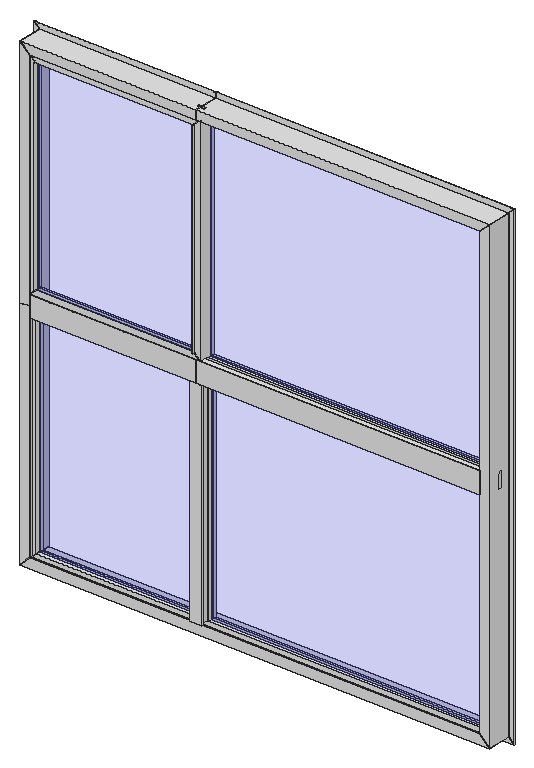
Revit family "531_OXAT_1-DBF_nailfin", category Windows, host Wall, Revit 2019
Family settings
  Host = Wall
  OmniClass Number = 23.30.20.00
  OmniClass Title = Windows
  Always vertical = Yes
  Cut with Voids When Loaded = No
  Shared = No
  Room Calculation Point = No
Parameters (values of type "96x96Max")
  Vbs = 36"
  Setback [instance] = 2"
  MLW2 = 1 / 8 * (Height - HBS)  # 6"
  MLW1 = 1 / 8 * Vbs  # 4 1/2"
  Interior Color [instance] = White
  Height = 96"
  HWB [instance] = yes
  HBWidth [instance] = if(HWB, 4 1/4", 2 1/2")  # 4 1/4"
  HBS = 48"
  Exterior Color [instance] = White
  Default Sill Height = 31.49606"
  Wall Closure = By host
  Width = 96"
Reference planes (in)
  plane 1 "Center (Front/Back)": y = 0
  plane 2 "Center (Left/Right)": x = 0
  plane 3 "Left": x = -48
  plane 4 "Right": x = 48
  plane 5 "Sill": z = 31.49606
  plane 6 "Head": z = 127.49606
  plane 7 "Exterior": y = 3.93701
  plane 8 "Interior": y = -3.93701
  plane 9 "Front of wall": y = 3.93701
  plane 10 "Hbs": z = 79.49606
  plane 11 "Vbs": x = -12
  plane 12: z = 32.89506
  plane 13: z = 77.88606
  plane 14: z = 126.09606
  plane 15: z = 82.26906
  plane 16: x = -46.60043
  plane 17: x = 45.4786
  plane 18: x = -11.2499
  plane 19: x = 46.6001
  plane 20: x = -12.7501
  plane 21: x = -45.4786
  plane 22: x = -11.63193
  plane 23: x = -12.13096
  plane 24: z = 124.97106
  plane 25: x = -11.22369
  plane 26 "Front of glass": y = 4.55851
  plane 27: z = 77.37106
  plane 28: z = 81.62106
  plane 29: z = 81.10506
  plane 30 "Setback": y = 1.93701
Forms (in)
  Extrusion 1, solid, material "White" <- "Interior Color"
    sketch origin (-12, 0, 0) x (0, 0, 1) y (0, -1, 0)
      loop
        line (32.7735, -0.47691) -> (33.33381, -0.47691) -> (33.33381, -0.07351) -> (32.89581, -0.07351) -> (32.89581, 0.69299) -> (33.39606, 0.69299) -> (33.39606, 1.28299) -> (32.52106, 1.28299) -> (32.52106, 2.78299) -> (33.39606, 2.78299) -> (33.39606, 2.98299) -> (31.49606, 2.98299) -> (31.49606, -1.93701) -> (30.37106, -1.93701) -> (30.37106, -2.01701) -> (31.49606, -2.01701) -> (31.49606, -3.01701) -> (32.50653, -3.01701) -> (32.7735, -0.47691)
    from 61.125 to -37.125
  Extrusion 2, solid, material "White" <- "Interior Color"
    sketch origin (0, 0, 31.49606) x (0, -1, 0) y (1, 0, 0)
      loop
        line (-0.47691, -46.72256) -> (-3.01701, -46.98953) -> (-3.01701, -48) -> (-2.01701, -48) -> (-2.01701, -49.125) -> (-1.93701, -49.125) -> (-1.93701, -48) -> (2.98299, -48) -> (2.98299, -46.1) -> (2.78299, -46.1) -> (2.78299, -46.975) -> (1.28299, -46.975) -> (1.28299, -46.1) -> (0.69299, -46.1) -> (0.69299, -46.60025) -> (-0.07351, -46.60025) -> (-0.07351, -46.16225) -> (-0.47691, -46.16225) -> (-0.47691, -46.72256)
    from -1.25 to 48
  Extrusion 3, solid, material "White" <- "Interior Color"
    sketch origin (0, 0, 31.49606) x (0, -1, 0) y (1, 0, 0)
      loop
        line (2.98299, -13.2501) -> (2.98299, -10.7499) -> (2.78299, -10.7499) -> (2.78299, -11.09375) -> (1.28299, -11.09375) -> (1.28299, -10.7499) -> (0.69299, -10.7499) -> (0.69299, -11.2499) -> (-0.07351, -11.2499) -> (-0.07351, -10.8125) -> (-0.47691, -10.8125) -> (-0.47691, -11.375) -> (-0.51701, -11.375) -> (-0.51701, -12.625) -> (-0.47691, -12.625) -> (-0.47691, -13.1875) -> (-0.07351, -13.1875) -> (-0.07351, -12.7501) -> (0.69299, -12.7501) -> (0.69299, -13.2501) -> (1.28299, -13.2501) -> (1.28299, -12.90625) -> (2.78299, -12.90625) -> (2.78299, -13.2501) -> (2.98299, -13.2501)
    from 0 to 48
  Extrusion 4, solid, material "White" <- "Interior Color"
    sketch origin (0, 0, 31.49606) x (0, -1, 0) y (1, 0, 0)
      loop
        line (-0.47691, 46.72256) -> (-0.47691, 46.16225) -> (-0.07351, 46.16225) -> (-0.07351, 46.60025) -> (0.69299, 46.60025) -> (0.69299, 46.1) -> (1.28299, 46.1) -> (1.28299, 46.975) -> (2.78299, 46.975) -> (2.78299, 46.1) -> (2.98299, 46.1) -> (2.98299, 48) -> (-1.93701, 48) -> (-1.93701, 49.125) -> (-2.01701, 49.125) -> (-2.01701, 48) -> (-3.01701, 48) -> (-3.01701, 46.98953) -> (-0.47691, 46.72256)
    from -1.25 to 97.125
  Sweep 5, void
    path in 3D
      loop
        line (46.28475, 3.80387, 79.49606) -> (46.28475, -0.01527, 79.49606)
    profile origin (46.28475, 1.8943, 79.49606) x (1, 0, 0) y (0, 0, 1)
      loop
        line (0.43781, 2.0625) -> (-1.85785, 2.0625) -> (-1.85785, -2.0625) -> (0.43781, -2.0625) -> (0.43781, 2.0625)
  Sweep 6, void
    path in 3D
      loop
        line (-13.44422, 2.02813, 79.49606) -> (-13.44422, -1.56299, 79.49606)
    profile origin (-13.44422, 0.23257, 79.49606) x (1, 0, 0) y (0, 0, 1)
      loop
        line (-0.28951, -2.0625) -> (0.81922, -2.0625) -> (0.81922, -1.5) -> (1.44422, -1.5) -> (1.44422, 1.5) -> (-0.28951, 1.5) -> (-0.28951, -2.0625)
  Sweep 7, void
    path in 3D
      loop
        line (-45.28676, 3.49986, 79.49606) -> (-45.28676, -1.63711, 79.49606)
    profile origin (-45.28676, 0.93137, 79.49606) x (1, 0, 0) y (0, 0, 1)
      loop
        line (-1.4358, 1.5) -> (-1.4358, -2.0625) -> (-0.50238, -2.0625) -> (-0.50238, 1.5) -> (-1.4358, 1.5)
  Sweep 8, void
    path in 3D
      loop
        line (-44.88253, 5.59396, 31.49606) -> (-44.88253, -0.15604, 31.49606)
    profile origin (-44.88253, 2.71896, 31.49606) x (1, 0, 0) y (0, 0, 1)
      loop
        line (-4.91208, -1.7946) -> (-0.83622, -1.7946) -> (-0.83622, 1.83775) -> (-1.84003, 1.83775) -> (-1.84003, 1.27744) -> (-4.91208, -1.7946)
  Sweep 9, void
    path in 3D
      loop
        line (-44.88253, 5.59396, 31.49606) -> (-44.88253, -0.15604, 31.49606)
    profile origin (-44.88253, 2.71896, 31.49606) x (1, 0, 0) y (0, 0, 1)
      loop
        line (-4.90516, -1.78769) -> (-1.84003, 1.27744) -> (-1.84003, 2.775) -> (-4.90516, 2.775) -> (-4.90516, -1.78769)
  Sweep 10, void
    path in 3D
      loop
        line (-10.8119, 3.1497, 31.49606) -> (-10.8119, -0.44142, 31.49606)
    profile origin (-10.8119, 1.35414, 31.49606) x (1, 0, 0) y (0, 0, 1)
      loop
        line (-1.8131, 2.03929) -> (-1.8131, 1.27744) -> (-0.5631, 1.27744) -> (-0.5631, 2.03929) -> (-1.8131, 2.03929)
  Sweep 11, void
    path in 3D
      loop
        line (-10.8119, 3.1497, 31.49606) -> (-10.8119, -0.44142, 31.49606)
    profile origin (-10.8119, 1.35414, 31.49606) x (1, 0, 0) y (0, 0, 1)
      loop
        line (-2.79385, 1.83775) -> (-2.79385, -0.51924) -> (0.30068, -0.51924) -> (0.30068, 1.83775) -> (-0.5631, 1.83775) -> (-0.5631, 1.27744) -> (-1.8131, 1.27744) -> (-1.8131, 1.83775) -> (-2.79385, 1.83775)
  Sweep 12, void
    path in 3D
      loop
        line (46.89277, 3.60999, 31.49606) -> (46.89277, -0.20914, 31.49606)
    profile origin (46.89277, 1.70043, 31.49606) x (1, 0, 0) y (0, 0, 1)
      loop
        line (3.12078, -2.01356) -> (-0.17021, 1.27744) -> (-0.17021, 1.83775) -> (-1.01335, 1.83775) -> (-1.01335, -2.01356) -> (3.12078, -2.01356)
  Sweep 13, void
    path in 3D
      loop
        line (46.89277, 3.60999, 31.49606) -> (46.89277, -0.20914, 31.49606)
    profile origin (46.89277, 1.70043, 31.49606) x (1, 0, 0) y (0, 0, 1)
      loop
        line (2.75588, -1.64865) -> (2.75588, 2.20937) -> (-0.17021, 2.20937) -> (-0.17021, 1.27744) -> (2.75588, -1.64865)
  Extrusion 14, void
    sketch origin (0, 3.93701, 0) x (1, 0, 0) y (0, 0, 1)
      loop
        line (-49.78769, 29.70837) -> (-45.34835, 34.14771) -> (-49.78769, 34.14771) -> (-49.78769, 29.70837)
    from 4.09305 to 10.65098
  Extrusion 15, void
    sketch origin (0, 3.93701, 0) x (1, 0, 0) y (0, 0, 1)
      loop
        line (-51.25, 28.24606) -> (-44.88253, 28.24606) -> (-44.88253, 34.61354) -> (-51.25, 28.24606)
    from 4.09305 to 11.52825
  Extrusion 16, void
    sketch origin (0, 3.93701, 0) x (1, 0, 0) y (0, 0, 1)
      loop
        line (-14.5639, 33.39606) -> (-14.5639, 30.39606) -> (-9.3139, 30.39606) -> (-9.3139, 33.39606) -> (-14.5639, 33.39606)
    from 4.50989 to 9.14744
  Extrusion 17, void
    sketch origin (0, 3.93701, 0) x (1, 0, 0) y (0, 0, 1)
      loop
        line (44.81231, 34.68375) -> (44.81231, 29.68375) -> (49.81231, 29.68375) -> (44.81231, 34.68375)
    from 4.14615 to 9.55815
  Extrusion 18, void
    sketch origin (0, 3.93701, 0) x (1, 0, 0) y (0, 0, 1)
      loop
        line (45.20876, 34.28731) -> (49.45876, 30.03731) -> (49.45876, 34.28731) -> (45.20876, 34.28731)
    from 4.14615 to 10.91445
  Extrusion 19, void
    sketch origin (0, 3.93701, 0) x (1, 0, 0) y (0, 0, 1)
      loop
        line (-11.34348, 82.76906) -> (-13.62514, 80.86244) -> (-13.62514, 77.37106) -> (-9.13523, 77.37106) -> (-9.13523, 82.76906) -> (-11.34348, 82.76906)
    from 4.94176 to 10.4595
  Sweep 20, void
    path in 3D
      loop
        line (-13.44422, 2.02813, 79.49606) -> (-13.44422, -1.56299, 79.49606)
    profile origin (-13.44422, 0.23257, 79.49606) x (1, 0, 0) y (0, 0, 1)
      loop
        line (2.22052, 2.125) -> (1.44422, 2.125) -> (1.44422, -1.5) -> (2.06922, -1.5) -> (2.06922, -2.0625) -> (2.22052, -2.0625) -> (2.22052, 2.125)
  Extrusion 21, void
    sketch origin (0, 3.93701, 0) x (1, 0, 0) y (0, 0, 1)
      loop
        line (44.58479, 83.16187) -> (44.58479, 77.38606) -> (46.1, 77.38606) -> (46.1, 81.60606) -> (46.1406, 81.60606) -> (44.58479, 83.16187)
    from 4.44362 to 11.87788
  Extrusion 22, solid, material "Glass"
    sketch origin (-12, 0, 0) x (0, 0, 1) y (0, -1, 0)
      loop
        line (77.88606, -0.07351) -> (77.88606, 0.69299) -> (32.89506, 0.69299) -> (32.89506, -0.07351) -> (77.88606, -0.07351)
    from -0.7501 to -34.60043
  Extrusion 23, solid, material "Glass"
    sketch origin (-12, 0, 0) x (0, 0, 1) y (0, -1, 0)
      loop
        line (77.88606, -0.07351) -> (77.88606, 0.69299) -> (32.89506, 0.69299) -> (32.89506, -0.07351) -> (77.88606, -0.07351)
    from 0.7501 to 58.6001
  Extrusion 24, solid, material "White" <- "Interior Color"
    sketch origin (6, 0, 0) x (0, 0, 1) y (0, 1, 0)
      loop
        line (81.62106, -2.98299) -> (81.62106, -2.78299) -> (81.24606, -2.78299) -> (81.24606, -1.28299) -> (81.62106, -1.28299) -> (81.62106, -0.69299) -> (81.10506, -0.69299) -> (81.10506, 0.07351) -> (81.55856, 0.07351) -> (81.55856, 0.47691) -> (80.99606, 0.47691) -> (80.99606, 0.51701) -> (77.99606, 0.51701) -> (77.99606, 0.47691) -> (77.43356, 0.47691) -> (77.43356, 0.07351) -> (77.88606, 0.07351) -> (77.88606, -0.69299) -> (77.37106, -0.69299) -> (77.37106, -1.28299) -> (77.74606, -1.28299) -> (77.74606, -2.78299) -> (77.37106, -2.78299) -> (77.37106, -2.98299) -> (81.62106, -2.98299)
    from 18 to -42
  Extrusion 25, solid, material "White" <- "Interior Color"
    sketch origin (6, 0, 0) x (0, 0, 1) y (0, 1, 0)
      loop
        line (81.62106, -2.98299) -> (81.62106, -2.78299) -> (82.74606, -2.78299) -> (82.74606, -2.54049) -> (82.26906, -2.54049) -> (82.26906, -1.79649) -> (82.68356, -1.79649) -> (82.68356, -1.39309) -> (81.62106, -1.39309) -> (81.62106, -0.69299) -> (80.99606, -0.69299) -> (80.99606, 0.51701) -> (77.99606, 0.51701) -> (77.99606, 0.47691) -> (77.43356, 0.47691) -> (77.43356, 0.07351) -> (77.88606, 0.07351) -> (77.88606, -0.69299) -> (77.37106, -0.69299) -> (77.37106, -1.28299) -> (77.74606, -1.28299) -> (77.74606, -2.78299) -> (77.37106, -2.78299) -> (77.37106, -2.98299) -> (81.62106, -2.98299)
    from 17.22369 to 54
  Extrusion 26, solid, material "White" <- "Interior Color"
    sketch origin (12, 0, 61.49606) x (1, 0, 0) y (0, 1, 0)
      loop
        line (-23.1251, -2.78299) -> (-23.1251, -0.69299) -> (-23.63193, -0.69299) -> (-23.63193, 0.07351) -> (-23.19293, 0.07351) -> (-23.19293, 0.47691) -> (-23.71237, 0.47691) -> (-23.7501, 0.48702) -> (-24.75596, 0.48702) -> (-24.75596, -0.13302) -> (-25.15635, -0.13302) -> (-25.15635, -0.23305) -> (-24.75592, -0.23305) -> (-24.75592, -0.73304) -> (-25.15635, -0.73304) -> (-25.15635, -0.83304) -> (-24.75588, -0.83304) -> (-24.75588, -1.28302) -> (-24.5626, -1.28302) -> (-24.5626, -1.79649) -> (-24.13096, -1.79649) -> (-24.13096, -2.54049) -> (-24.6251, -2.54049) -> (-24.6251, -3.22844) -> (-24.5551, -3.15844) -> (-24.5551, -2.78299) -> (-23.1251, -2.78299)
    from 18 to 66
  Extrusion 27, solid, material "White" <- "Interior Color"
    sketch origin (-12, 0, 79.49606) x (-1, 0, 0) y (0, -1, 0)
      loop
        line (34.725, -0.50201) -> (34.98953, -3.01701) -> (36, -3.01701) -> (36, -2.01701) -> (37.125, -2.01701) -> (37.125, -1.93701) -> (36, -1.93701) -> (36, 2.98299) -> (34.1, 2.98299) -> (34.1, 2.78299) -> (33.0455, 2.78299) -> (33.0455, 3.15049) -> (32.9755, 3.22049) -> (32.9755, 2.54049) -> (33.43825, 2.54049) -> (33.43825, 1.79649) -> (33.00025, 1.79649) -> (33.00025, 1.39309) -> (34.1, 1.39309) -> (34.1, 0.69299) -> (34.84828, 0.69299) -> (34.84828, 0.23299) -> (34.725, 0.23299) -> (34.725, -0.50201)
    from 0 to 49.125
  Extrusion 28, solid, material "Glass"
    sketch origin (6, 0, 0) x (0, 0, 1) y (0, 1, 0)
      loop
        line (81.10506, 0.07351) -> (81.10506, -0.69299) -> (126.09606, -0.69299) -> (126.09606, 0.07351) -> (81.10506, 0.07351)
    from 17.63193 to -40.6001
  Extrusion 29, solid, material "White" <- "Interior Color"
    sketch origin (6, 0, 0) x (0, 0, 1) y (0, 1, 0)
      loop
        line (126.21862, 0.47691) -> (125.65831, 0.47691) -> (125.65831, 0.07351) -> (126.09631, 0.07351) -> (126.09631, -0.69299) -> (125.59606, -0.69299) -> (125.59606, -1.28299) -> (126.47106, -1.28299) -> (126.47106, -2.78299) -> (125.59606, -2.78299) -> (125.59606, -2.98299) -> (127.49606, -2.98299) -> (127.49606, 1.93701) -> (128.62106, 1.93701) -> (128.62106, 2.01701) -> (127.49606, 2.01701) -> (127.49606, 3.01701) -> (126.4856, 3.01701) -> (126.21862, 0.47691)
    from 18 to -43.125
  Extrusion 30, solid, material "White" <- "Interior Color"
    sketch origin (6, 0, 0) x (0, 0, 1) y (0, 1, 0)
      loop
        line (127.49606, 1.93701) -> (128.62106, 1.93701) -> (128.62106, 2.01701) -> (127.49606, 2.01701) -> (127.49606, 3.01701) -> (126.4856, 3.01701) -> (126.22106, 0.50013) -> (126.22106, -0.23299) -> (126.34435, -0.23299) -> (126.34435, -0.69299) -> (125.59606, -0.69299) -> (125.59606, -1.39309) -> (124.49631, -1.39309) -> (124.49631, -1.79649) -> (124.93431, -1.79649) -> (124.93431, -2.54049) -> (124.47156, -2.54049) -> (124.47156, -2.78299) -> (125.59606, -2.78299) -> (125.59606, -2.98299) -> (127.49606, -2.98299) -> (127.49606, 1.93701)
    from 17.22369 to 55.125
  Extrusion 31, void
    sketch origin (0, 3.93701, 0) x (1, 0, 0) y (0, 0, 1)
      loop
        line (-13.44422, 83.56518) -> (-13.44422, 77.37106) -> (-10.21796, 77.37106) -> (-10.21796, 81.62106) -> (-11.5001, 81.62106) -> (-13.44422, 83.56518)
    from 4.94176 to 9.14744
  Extrusion 32, void
    sketch origin (0, 3.93701, 0) x (1, 0, 0) y (0, 0, 1)
      loop
        line (-13.19874, 123.89793) -> (-11.5006, 125.59606) -> (-10.85527, 125.59606) -> (-10.85527, 127.84606) -> (-13.19874, 127.84606) -> (-13.19874, 123.89793)
    from 5.85596 to 10.82008
  Sweep 33, void
    path in 3D
      loop
        line (-13.44422, 2.02813, 79.49606) -> (-13.44422, -1.56299, 79.49606)
    profile origin (-13.44422, 0.23257, 79.49606) x (1, 0, 0) y (0, 0, 1)
      loop
        line (0.81922, -2.36) -> (2.06922, -2.36) -> (2.06922, -1.5) -> (0.81922, -1.5) -> (0.81922, -2.36)
  Sweep 34, void
    path in 3D
      loop
        line (-13.44422, 2.02813, 79.49606) -> (-13.44422, -1.56299, 79.49606)
    profile origin (-13.44422, 0.23257, 79.49606) x (1, 0, 0) y (0, 0, 1)
      loop
        line (2.06922, -1.5) -> (2.06922, -2.0625) -> (3.12257, -2.0625) -> (3.12257, 2.0625) -> (1.73189, 2.0625) -> (1.73189, 1.5) -> (-0.30382, 1.5) -> (-0.30382, -1.5) -> (2.06922, -1.5)
  Sweep 35, void
    path in 3D
      loop
        line (-13.44422, 2.02813, 79.49606) -> (-13.44422, -1.56299, 79.49606)
    profile origin (-13.44422, 0.23257, 79.49606) x (1, 0, 0) y (0, 0, 1)
      loop
        line (1.69411, 2.25905) -> (1.44422, 2.25905) -> (1.44422, 1.5) -> (1.69411, 1.5) -> (1.69411, 2.25905)
  Sweep 36, void
    path in 3D
      loop
        line (-13.72484, 3.63785, 127.49606) -> (-13.72484, -1.61215, 127.49606)
    profile origin (-13.72484, 1.01285, 127.49606) x (1, 0, 0) y (0, 0, 1)
      loop
        line (1.97474, -1.275) -> (1.97474, -1.838) -> (2.75058, -1.838) -> (2.75058, 1.475) -> (1.72484, 1.475) -> (1.72484, -1.275) -> (1.97474, -1.275)
  Sweep 37, void
    path in 3D
      loop
        line (-13.72484, 3.63785, 127.49606) -> (-13.72484, -1.61215, 127.49606)
    profile origin (-13.72484, 1.01285, 127.49606) x (1, 0, 0) y (0, 0, 1)
      loop
        line (1.97474, -2.19971) -> (1.97474, -1.275) -> (1.72484, -1.275) -> (1.72484, -2.19971) -> (1.97474, -2.19971)
  Sweep 38, void
    path in 3D
      loop
        line (45.98854, 3.92113, 127.49606) -> (45.98854, -0.00714, 127.49606)
    profile origin (45.98854, 1.957, 127.49606) x (1, 0, 0) y (0, 0, 1)
      loop
        line (0.73402, -1.27754) -> (0.73402, -2.2092) -> (3.73731, -2.2092) -> (3.73731, 1.72575) -> (0.73402, -1.27754)
  Sweep 39, void
    path in 3D
      loop
        line (45.98854, 3.92113, 127.49606) -> (45.98854, -0.00714, 127.49606)
    profile origin (45.98854, 1.957, 127.49606) x (1, 0, 0) y (0, 0, 1)
      loop
        line (3.62248, 1.61091) -> (-0.08229, 1.61091) -> (-0.08229, -1.83775) -> (0.73402, -1.83775) -> (0.73402, -1.27754) -> (3.62248, 1.61091)
  Sweep 40, void
    path in 3D
      loop
        line (46.28475, 3.80387, 79.49606) -> (46.28475, -0.01527, 79.49606)
    profile origin (46.28475, 1.8943, 79.49606) x (1, 0, 0) y (0, 0, 1)
      loop
        line (0.43781, 2.125) -> (0.43781, -2.125) -> (3.48314, -2.125) -> (3.48314, 2.125) -> (0.43781, 2.125)
  Sweep 41, void
    path in 3D
      loop
        line (-45.78676, 3.3148, 127.49606) -> (-45.78676, -1.9352, 127.49606)
    profile origin (-45.78676, 0.6898, 127.49606) x (1, 0, 0) y (0, 0, 1)
      loop
        line (-3.83672, 1.62348) -> (1.66328, -3.87652) -> (1.66328, 1.62348) -> (-3.83672, 1.62348)
  Sweep 42, void
    path in 3D
      loop
        line (-45.78676, 3.3148, 127.49606) -> (-45.78676, -1.9352, 127.49606)
    profile origin (-45.78676, 0.6898, 127.49606) x (1, 0, 0) y (0, 0, 1)
      loop
        line (-3.9247, 1.71146) -> (-3.9247, -3.78854) -> (1.5753, -3.78854) -> (-3.9247, 1.71146)
  Sweep 43, void
    path in 3D
      loop
        line (-45.28676, 3.49986, 79.49606) -> (-45.28676, -1.63711, 79.49606)
    profile origin (-45.28676, 0.93137, 79.49606) x (1, 0, 0) y (0, 0, 1)
      loop
        line (-1.4358, -2.625) -> (-1.4358, 1.5) -> (-0.81324, 1.5) -> (-0.81324, 3.52421) -> (-4.49626, 3.52421) -> (-4.49626, -2.625) -> (-1.4358, -2.625)
  Extrusion 44, void
    sketch origin (0, 3.93701, 0) x (1, 0, 0) y (0, 0, 1)
      loop
        line (-50.49016, 129.98622) -> (-50.49016, 122.72309) -> (-43.22703, 122.72309) -> (-50.49016, 129.98622)
    from 5.87221 to 12.71228
  Extrusion 45, void
    sketch origin (0, 3.93701, 0) x (1, 0, 0) y (0, 0, 1)
      loop
        line (-49.30025, 128.79632) -> (-43.05025, 122.54632) -> (-43.05025, 128.79632) -> (-49.30025, 128.79632)
    from 5.87221 to 12.07082
  Extrusion 46, void
    sketch origin (0, 3.93701, 0) x (1, 0, 0) y (0, 0, 1)
      loop
        line (49.96447, 129.46053) -> (44.64124, 124.13731) -> (49.96447, 124.13731) -> (49.96447, 129.46053)
    from 3.94414 to 9.93701
  Extrusion 47, void
    sketch origin (0, 3.93701, 0) x (1, 0, 0) y (0, 0, 1)
      loop
        line (49.89135, 129.38731) -> (44.46447, 129.38731) -> (44.46447, 123.96043) -> (49.89135, 129.38731)
    from 3.94414 to 10.88415
  Extrusion 48, void
    sketch origin (0, 3.93701, 0) x (1, 0, 0) y (0, 0, 1)
      loop
        line (46.1, 84.0958) -> (46.1, 75.5958) -> (49.35, 75.5958) -> (49.35, 84.0958) -> (46.1, 84.0958)
    from 4.44362 to 10.93701
  Extrusion 49, void
    sketch origin (0, 3.93701, 0) x (1, 0, 0) y (0, 0, 1)
      loop
        line (-46.1, 81.62156) -> (-46.1, 77.37106) -> (-44.68579, 77.37106) -> (-44.68579, 83.03578) -> (-46.1, 81.62156)
    from 4.38987 to 12.50636
  Extrusion 50, void
    sketch origin (0, 3.93701, 0) x (1, 0, 0) y (0, 0, 1)
      loop
        line (-46.1, 81.62156) -> (-44.6155, 83.10606) -> (-49.1, 83.10606) -> (-49.1, 77.10606) -> (-46.1, 77.10606) -> (-46.1, 81.62156)
    from 4.49615 to 11.17897
  Extrusion 51, solid, material "Glass"
    sketch origin (-12, 0, 0) x (0, 0, 1) y (0, -1, 0)
      loop
        line (124.93431, 1.79649) -> (124.93431, 2.54049) -> (82.26906, 2.54049) -> (82.26906, 1.79649) -> (124.93431, 1.79649)
    from -0.13096 to -33.4786
  Extrusion 52, void
    sketch origin (0, 3.93701, 0) x (1, 0, 0) y (0, 0, 1)
      loop
        line (-12.7501, 82.87106) -> (-11.5001, 81.62106) -> (-12, 81.62106) -> (-12, 77.37106) -> (-11.22369, 77.37106) -> (-11.22369, 82.87106) -> (-12.7501, 82.87106)
    from 4.94176 to 10.96474
  Extrusion 53, void
    sketch origin (0, 3.93701, 0) x (1, 0, 0) y (0, 0, 1)
      loop
        line (-12.63096, 124.47106) -> (-11.22369, 124.47106) -> (-11.22369, 127.49606) -> (-12, 127.49606) -> (-12, 125.59606) -> (-11.50596, 125.59606) -> (-12.63096, 124.47106)
    from 6.11518 to 12.19654
  Extrusion 54, void
    sketch origin (0, 3.93701, 0) x (1, 0, 0) y (0, 0, 1)
      loop
        line (-13.09695, 123.99921) -> (-11.5001, 125.59606) -> (-10.85527, 125.59606) -> (-10.85527, 128.00507) -> (-13.09695, 128.00507) -> (-13.09695, 123.99921)
    from 6.00777 to 9.42659
  Sweep 55, void
    path in 3D
      loop
        line (-13.72484, 3.63785, 127.49606) -> (-13.72484, -1.61215, 127.49606)
    profile origin (-13.72484, 1.01285, 127.49606) x (1, 0, 0) y (0, 0, 1)
      loop
        line (3.57598, -1.275) -> (3.57598, 1.81755) -> (-0.26641, 1.81755) -> (-0.26641, -1.275) -> (3.57598, -1.275)
  Extrusion 56, void
    sketch origin (0, 3.93701, 0) x (1, 0, 0) y (0, 0, 1)
      loop
        line (-12.84604, 124.25012) -> (-10.75, 124.25012) -> (-10.75, 129.84606) -> (-12, 129.84606) -> (-12, 125.59606) -> (-11.5001, 125.59606) -> (-12.84604, 124.25012)
    from 5.85596 to 10.49702
Cuts and joins
  Sweep 5, Sweep 12, Extrusion 17, Extrusion 21, Sweep 39, Extrusion 47 cuts Extrusion 4
  Sweep 6, Sweep 11, Extrusion 16, Extrusion 19, Sweep 20, Sweep 34, Extrusion 52 cuts Extrusion 3
  Sweep 7, Sweep 8, Extrusion 15, Extrusion 49 cuts Extrusion 2
  Sweep 9, Sweep 10, Sweep 13, Extrusion 14, Extrusion 18 cuts Extrusion 1
  Extrusion 31, Extrusion 32, Sweep 34, Sweep 36, Extrusion 54, Sweep 55 cuts Extrusion 26
  Sweep 20, Sweep 33, Sweep 35, Sweep 43, Extrusion 50, Extrusion 52 cuts Extrusion 25
  Extrusion 32, Extrusion 53, Extrusion 54 cuts Extrusion 28
  Sweep 36, Sweep 37, Sweep 42, Extrusion 44, Extrusion 56 cuts Extrusion 30
  Sweep 33, Sweep 35, Sweep 40, Extrusion 48 cuts Extrusion 24
  Sweep 38, Extrusion 46 cuts Extrusion 29
  Sweep 7, Sweep 41, Extrusion 45, Extrusion 49 cuts Extrusion 27
  Extrusion 52 cuts Extrusion 23
  Extrusion 50 cuts Extrusion 22
  Extrusion 53 cuts Extrusion 51
Lines and regions (in)
  Opening 1
    outline origin (137.79528, -3.93701, 0) x (1, 0, 0) y (0, 0, 1)
      loop
        line (-89.79528, 31.49606) -> (-89.79528, 127.49606) -> (-185.79528, 127.49606) -> (-185.79528, 31.49606) -> (-89.79528, 31.49606)
  reference lines
    curve 1: line (-45.78676, 3.3148, 127.49606) -> (-45.78676, -1.9352, 127.49606)
    curve 2: line (-45.28676, 3.49986, 79.49606) -> (-45.28676, -1.63711, 79.49606)
    curve 3: line (-44.88253, 5.59396, 31.49606) -> (-44.88253, -0.15604, 31.49606)
    curve 4: line (-13.72484, 3.63785, 127.49606) -> (-13.72484, -1.61215, 127.49606)
    curve 5: line (-13.44422, 2.02813, 79.49606) -> (-13.44422, -1.56299, 79.49606)
    curve 6: line (-10.8119, 3.1497, 31.49606) -> (-10.8119, -0.44142, 31.49606)
    curve 7: line (45.98854, 3.92113, 127.49606) -> (45.98854, -0.00714, 127.49606)
    curve 8: line (46.28475, 3.80387, 79.49606) -> (46.28475, -0.01527, 79.49606)
    curve 9: line (46.89277, 3.60999, 31.49606) -> (46.89277, -0.20914, 31.49606)
    curve 34: line (20.5, 4.93055, 105.99606) -> (15.5, 4.93055, 105.99606)
    curve 35: line (20.5, 4.93055, 100.99606) -> (20.5, 4.93055, 105.99606)
    curve 36: line (15.5, 4.93055, 100.99606) -> (20.5, 4.93055, 100.99606)
    curve 37: line (15.5, 4.93055, 105.99606) -> (15.5, 4.93055, 100.99606)
    curve 41: line (18, 4.93055, 100.99606) -> (18, 4.93055, 107.49606)
    curve 42: line (20.5, 4.93055, 103.49606) -> (13, 4.93055, 103.49606)
    curve 43: line (-27.5, 4.93055, 57.99606) -> (-32.5, 4.93055, 57.99606)
    curve 44: line (-27.5, 4.93055, 52.99606) -> (-27.5, 4.93055, 57.99606)
    curve 45: line (-32.5, 4.93055, 52.99606) -> (-27.5, 4.93055, 52.99606)
    curve 46: line (-32.5, 4.93055, 57.99606) -> (-32.5, 4.93055, 52.99606)
    curve 50: line (-30, 4.93055, 52.99606) -> (-30, 4.93055, 59.49606)
    curve 51: line (-27.5, 4.93055, 55.49606) -> (-35, 4.93055, 55.49606)
    curve 52: line (20.5, 4.93055, 57.99606) -> (15.5, 4.93055, 57.99606)
    curve 53: line (20.5, 4.93055, 52.99606) -> (20.5, 4.93055, 57.99606)
    curve 54: line (15.5, 4.93055, 52.99606) -> (20.5, 4.93055, 52.99606)
    curve 55: line (15.5, 4.93055, 57.99606) -> (15.5, 4.93055, 52.99606)
    curve 59: line (18, 4.93055, 52.99606) -> (18, 4.93055, 59.49606)
    curve 60: line (20.5, 4.93055, 55.49606) -> (13, 4.93055, 55.49606)
    curve 64: line (20.5, 0, 105.99606) -> (15.5, 0, 105.99606)
    curve 65: line (20.5, 0, 100.99606) -> (20.5, 0, 105.99606)
    curve 66: line (15.5, 0, 100.99606) -> (20.5, 0, 100.99606)
    curve 67: line (15.5, 0, 105.99606) -> (15.5, 0, 100.99606)
    curve 68: line (18, 0, 100.99606) -> (18, 0, 108.49606)
    curve 69: line (20.5, 0, 103.49606) -> (13.5, 0, 103.49606)
    curve 73: line (20.5, 0, 57.99606) -> (15.5, 0, 57.99606)
    curve 74: line (20.5, 0, 52.99606) -> (20.5, 0, 57.99606)
    curve 75: line (15.5, 0, 52.99606) -> (20.5, 0, 52.99606)
    curve 76: line (15.5, 0, 57.99606) -> (15.5, 0, 52.99606)
    curve 77: line (18, 0, 52.99606) -> (18, 0, 60.49606)
    curve 78: line (20.5, 0, 55.49606) -> (13.5, 0, 55.49606)
    curve 82: line (-27.5, 0, 57.99606) -> (-32.5, 0, 57.99606)
    curve 83: line (-27.5, 0, 52.99606) -> (-27.5, 0, 57.99606)
    curve 84: line (-32.5, 0, 52.99606) -> (-27.5, 0, 52.99606)
    curve 85: line (-32.5, 0, 57.99606) -> (-32.5, 0, 52.99606)
    curve 86: line (-30, 0, 52.99606) -> (-30, 0, 60.49606)
    curve 87: line (-27.5, 0, 55.49606) -> (-34.5, 0, 55.49606)
  sketch lines
    curve 10: line (46.28475, 3.80387, 79.49606) -> (46.28475, -0.01527, 79.49606)
    curve 11: line (-13.44422, 2.02813, 79.49606) -> (-13.44422, -1.56299, 79.49606)
    curve 12: line (-45.28676, 3.49986, 79.49606) -> (-45.28676, -1.63711, 79.49606)
    curve 13: line (-44.88253, 5.59396, 31.49606) -> (-44.88253, -0.15604, 31.49606)
    curve 14: line (-44.88253, 5.59396, 31.49606) -> (-44.88253, -0.15604, 31.49606)
    curve 15: line (-10.8119, 3.1497, 31.49606) -> (-10.8119, -0.44142, 31.49606)
    curve 16: line (-10.8119, 3.1497, 31.49606) -> (-10.8119, -0.44142, 31.49606)
    curve 17: line (46.89277, 3.60999, 31.49606) -> (46.89277, -0.20914, 31.49606)
    curve 18: line (46.89277, 3.60999, 31.49606) -> (46.89277, -0.20914, 31.49606)
    curve 19: line (-13.44422, 2.02813, 79.49606) -> (-13.44422, -1.56299, 79.49606)
    curve 20: line (-13.44422, 2.02813, 79.49606) -> (-13.44422, -1.56299, 79.49606)
    curve 21: line (-13.44422, 2.02813, 79.49606) -> (-13.44422, -1.56299, 79.49606)
    curve 22: line (-13.44422, 2.02813, 79.49606) -> (-13.44422, -1.56299, 79.49606)
    curve 23: line (-13.72484, 3.63785, 127.49606) -> (-13.72484, -1.61215, 127.49606)
    curve 24: line (-13.72484, 3.63785, 127.49606) -> (-13.72484, -1.61215, 127.49606)
    curve 25: line (45.98854, 3.92113, 127.49606) -> (45.98854, -0.00714, 127.49606)
    curve 26: line (45.98854, 3.92113, 127.49606) -> (45.98854, -0.00714, 127.49606)
    curve 27: line (46.28475, 3.80387, 79.49606) -> (46.28475, -0.01527, 79.49606)
    curve 28: line (-45.78676, 3.3148, 127.49606) -> (-45.78676, -1.9352, 127.49606)
    curve 29: line (-45.78676, 3.3148, 127.49606) -> (-45.78676, -1.9352, 127.49606)
    curve 30: line (-45.28676, 3.49986, 79.49606) -> (-45.28676, -1.63711, 79.49606)
    curve 91: line (-13.72484, 3.63785, 127.49606) -> (-13.72484, -1.61215, 127.49606)
  model lines
    curve 31: line (-44.79331, 1.93701, 103.49606) -> (-13.72484, 1.93701, 103.49606)
    curve 32: line (-13.72484, 1.93701, 103.49606) -> (-16.90682, 1.93701, 106.67804)
    curve 33: line (-13.72484, 1.93701, 103.49606) -> (-16.90682, 1.93701, 100.31408)
    curve 38: line (20.5, 1.93701, 105.99606) -> (15.5, 1.93701, 100.99606)
    curve 39: line (15.5, 1.93701, 103.49606) -> (18, 1.93701, 105.99606)
    curve 40: line (18, 1.93701, 100.99606) -> (20.5, 1.93701, 103.49606)
    curve 47: line (-27.5, 1.93701, 57.99606) -> (-32.5, 1.93701, 52.99606)
    curve 48: line (-32.5, 1.93701, 55.49606) -> (-30, 1.93701, 57.99606)
    curve 49: line (-30, 1.93701, 52.99606) -> (-27.5, 1.93701, 55.49606)
    curve 56: line (20.5, 1.93701, 57.99606) -> (15.5, 1.93701, 52.99606)
    curve 57: line (15.5, 1.93701, 55.49606) -> (18, 1.93701, 57.99606)
    curve 58: line (18, 1.93701, 52.99606) -> (20.5, 1.93701, 55.49606)
  symbolic lines
    curve 61: line (-13.72484, 3.93701, 103.49606) -> (-44.79331, 3.93701, 103.49606)
    curve 62: line (-16.90682, 3.93701, 106.67804) -> (-13.72484, 3.93701, 103.49606)
    curve 63: line (-16.90682, 3.93701, 100.31408) -> (-13.72484, 3.93701, 103.49606)
    curve 70: line (18, 0, 100.99606) -> (20.5, 0, 103.49606)
    curve 71: line (18, 0, 105.99606) -> (15.5, 0, 103.49606)
    curve 72: line (15.5, 0, 100.99606) -> (20.5, 0, 105.99606)
    curve 79: line (18, 0, 52.99606) -> (20.5, 0, 55.49606)
    curve 80: line (18, 0, 57.99606) -> (15.5, 0, 55.49606)
    curve 81: line (15.5, 0, 52.99606) -> (20.5, 0, 57.99606)
    curve 88: line (-30, 0, 52.99606) -> (-27.5, 0, 55.49606)
    curve 89: line (-30, 0, 57.99606) -> (-32.5, 0, 55.49606)
    curve 90: line (-32.5, 0, 52.99606) -> (-27.5, 0, 57.99606)
  model lines, not visible
    curve 92: line (-52.17114, 12.12839, 79.20327) -> (-54.68614, 11.86385, 79.20327)
    curve 93: line (-54.68614, 11.86385, 79.20327) -> (-54.68614, 10.85339, 79.20327)
    curve 94: line (-54.68614, 10.85339, 79.20327) -> (-53.68614, 10.85339, 79.20327)
    curve 95: line (-53.68614, 10.85339, 79.20327) -> (-53.68614, 9.72839, 79.20327)
    curve 96: line (-53.68614, 9.72839, 79.20327) -> (-53.60614, 9.72839, 79.20327)
    curve 97: line (-53.60614, 9.72839, 79.20327) -> (-53.60614, 10.85339, 79.20327)
    curve 98: line (-53.60614, 10.85339, 79.20327) -> (-48.68614, 10.85339, 79.20327)
    curve 99: line (-48.68614, 10.85339, 79.20327) -> (-48.68614, 12.75339, 79.20327)
    curve 100: line (-48.68614, 12.75339, 79.20327) -> (-48.88614, 12.75339, 79.20327)
    curve 101: line (-48.88614, 12.75339, 79.20327) -> (-48.88614, 13.80789, 79.20327)
    curve 102: line (-48.88614, 13.80789, 79.20327) -> (-48.51069, 13.80789, 79.20327)
    curve 103: arc (-48.51069, 13.80789, 79.20327) -> (-48.40187, 13.77393, 79.20327) -> (-48.44864, 13.87789, 79.20327) r 0.0625
    curve 104: line (-48.44864, 13.87789, 79.20327) -> (-49.12864, 13.87789, 79.20327)
    curve 105: line (-49.12864, 13.87789, 79.20327) -> (-49.12864, 13.41514, 79.20327)
    curve 106: line (-49.12864, 13.41514, 79.20327) -> (-49.87264, 13.41514, 79.20327)
    curve 107: line (-49.87264, 13.41514, 79.20327) -> (-49.87264, 13.85314, 79.20327)
    curve 108: line (-49.87264, 13.85314, 79.20327) -> (-50.27604, 13.85314, 79.20327)
    curve 109: line (-50.27604, 13.85314, 79.20327) -> (-50.27604, 12.75339, 79.20327)
    curve 110: line (-50.27604, 12.75339, 79.20327) -> (-50.97614, 12.75339, 79.20327)
    curve 111: line (-50.97614, 12.75339, 79.20327) -> (-50.97614, 12.0051, 79.20327)
    curve 112: line (-50.97614, 12.0051, 79.20327) -> (-51.43614, 12.0051, 79.20327)
    curve 113: line (-51.43614, 12.0051, 79.20327) -> (-51.43614, 12.12839, 79.20327)
    curve 114: line (-51.43614, 12.12839, 79.20327) -> (-52.17114, 12.12839, 79.20327)
Text (in)
  text "EXTERIOR" at (-77.29147, 52.45485, 0), in view "Ref. Level"
  text "INTERIOR" at (-78.01048, -32.21994, 0), in view "Ref. Level"
  text "Exterior" at (0, 36.36817, 115.8778), in view "Right"
  text "Exterior" at (0, 40.96394, 105.72475), in view "Left"
Dimensions and locks (in)
  equal spacing: plane 3 "Left", plane 2 "Center (Left/Right)", plane 4 "Right"
  "Width": plane 3 "Left" to plane 4 "Right"
  "Height": plane 5 "Sill" to plane 6 "Head"
  "Default Sill Height": plane 5 "Sill" to level
  locked: plane 7 "Exterior" to host wall at 0
  locked: plane 8 "Interior" to host wall
  locked: plane 14 to plane 6 "Head" at 1.4
  locked: plane 5 "Sill" to plane 12 at 1.399
  locked: plane 17 to plane 4 "Right" at 2.5214
  locked: plane 3 "Left" to plane 16 at 1.39957
  locked: plane 11 "Vbs" to plane 18 at 0.7501
  locked: plane 19 to plane 4 "Right" at 1.3999
  locked: plane 20 to plane 11 "Vbs" at 0.7501
  locked: Extrusion 26 sketch curve to Extrusion 26 sketch curve at 1.43
  locked: plane 3 "Left" to plane 21 at 2.5214
  locked: plane 23 to plane 11 "Vbs" at 0.13096
  locked: plane 11 "Vbs" to plane 22 at 0.36807
  locked: plane 24 to plane 6 "Head" at 2.525
  locked: plane 11 "Vbs" to plane 25 at 0.77631
  equal spacing: plane 10 "Hbs", curve 31, plane 6 "Head"
  locked: plane 26 "Front of glass" to plane 9 "Front of wall" at 0.6215
  "HBS": plane 10 "Hbs" to plane 6 "Head"
  "MLW1": curve 33 to curve 32
  "MLW1": curve 33 to curve 33
  locked: plane 3 "Left" to curve 31 at 3.20669
  locked: plane 11 "Vbs" to curve 33 at 1.72484
  equal spacing: curve 39, curve 38, curve 40
  locked: curve 35 to curve 37 at 5
  locked: curve 36 to curve 34 at 5
  equal spacing: curve 37, curve 41, curve 35
  equal spacing: curve 36, curve 42, curve 34
  equal spacing: curve 48, curve 47, curve 49
  locked: curve 44 to curve 46 at 5
  locked: curve 45 to curve 43 at 5
  equal spacing: curve 46, curve 50, curve 44
  equal spacing: curve 45, curve 51, curve 43
  equal spacing: curve 57, curve 56, curve 58
  locked: curve 53 to curve 55 at 5
  locked: curve 54 to curve 52 at 5
  equal spacing: curve 55, curve 59, curve 53
  equal spacing: curve 54, curve 60, curve 52
  equal spacing: plane 11 "Vbs", curve 41, plane 4 "Right"
  equal spacing: plane 10 "Hbs", curve 42, plane 6 "Head"
  equal spacing: plane 11 "Vbs", curve 59, plane 4 "Right"
  equal spacing: plane 5 "Sill", curve 60, plane 10 "Hbs"
  equal spacing: plane 3 "Left", curve 50, plane 11 "Vbs"
  equal spacing: plane 5 "Sill", curve 51, plane 10 "Hbs"
  "MLW1": curve 63 to curve 63
  "MLW1": curve 63 to curve 62
  locked: curve 65 to curve 67 at 5
  locked: curve 66 to curve 64 at 5
  equal spacing: curve 67, curve 68, curve 65
  equal spacing: curve 66, curve 69, curve 64
  locked: curve 67 to curve 71 at 2.5
  locked: curve 67 to curve 70 at 2.5
  locked: curve 70 to curve 66 at 2.5
  locked: curve 71 to curve 66 at 2.5
  locked: curve 65 to curve 72 at 5
  locked: curve 74 to curve 76 at 5
  locked: curve 75 to curve 73 at 5
  equal spacing: curve 76, curve 77, curve 74
  equal spacing: curve 75, curve 78, curve 73
  locked: curve 76 to curve 80 at 2.5
  locked: curve 76 to curve 79 at 2.5
  locked: curve 79 to curve 75 at 2.5
  locked: curve 80 to curve 75 at 2.5
  locked: curve 74 to curve 81 at 5
  locked: curve 83 to curve 85 at 5
  locked: curve 84 to curve 82 at 5
  equal spacing: curve 85, curve 86, curve 83
  equal spacing: curve 84, curve 87, curve 82
  locked: curve 85 to curve 89 at 2.5
  locked: curve 85 to curve 88 at 2.5
  locked: curve 88 to curve 84 at 2.5
  locked: curve 89 to curve 84 at 2.5
  locked: curve 83 to curve 90 at 5
  equal spacing: plane 4 "Right", curve 77, plane 11 "Vbs"
  equal spacing: plane 10 "Hbs", curve 78, plane 5 "Sill"
  equal spacing: plane 10 "Hbs", curve 87, plane 5 "Sill"
  equal spacing: plane 11 "Vbs", curve 86, plane 3 "Left"
  equal spacing: plane 6 "Head", curve 69, plane 10 "Hbs"
  equal spacing: plane 11 "Vbs", curve 68, plane 4 "Right"
  "Vbs": plane 3 "Left" to plane 11 "Vbs"
  equal spacing: plane 28, plane 10 "Hbs", plane 27
  "HBWidth": plane 27 to plane 28
  locked: plane 28 to Extrusion 24 sketch curve at 0.375
  locked: plane 28 to Extrusion 24 sketch curve at 0.0625
  locked: plane 27 to Extrusion 24 sketch curve at 0.375
  locked: plane 27 to Extrusion 24 sketch curve at 0.0625
  locked: plane 15 to plane 28 at 0.648
  locked: plane 27 to plane 13 at 0.515
  locked: plane 29 to plane 28 at 0.516
  locked: plane 28 to Extrusion 25 sketch curve at 0.625
  locked: Extrusion 25 sketch curve to plane 28 at 1.0625
  Extrusion 25 sketch curve to plane 28 = 1 1/8"
  locked: plane 27 to Extrusion 25 sketch curve at 0.0625
  locked: plane 27 to Extrusion 25 sketch curve at 0.375
  locked: plane 27 to Extrusion 25 sketch curve at 0.625
  locked: plane 27 to Sweep 34 sketch curve at 0.625
  locked: Sweep 34 sketch curve to plane 28 at 0.625
  locked: Sweep 34 sketch curve to plane 11 "Vbs" at 0.625
  locked: Sweep 34 sketch curve to plane 11 "Vbs" at 1.67835
  locked: Sweep 33 sketch curve to plane 27 at 0.235
  locked: plane 27 to Sweep 33 sketch curve at 0.625
  locked: plane 27 to Sweep 6 sketch curve at 0.625
  locked: Sweep 6 sketch curve to plane 29 at 0.109
  locked: plane 11 "Vbs" to Sweep 6 sketch curve at 1.73372
  plane 28 to Extrusion 50 sketch curve = 1.485"
  Extrusion 50 sketch curve to plane 27 = 0.265"
  Extrusion 50 sketch curve to plane 3 "Left" = 1.1"
  locked: plane 3 "Left" to Extrusion 50 sketch curve at 1.9
  locked: plane 3 "Left" to Extrusion 50 sketch curve at 3.3845
  locked: plane 28 to Sweep 43 sketch curve at 1.39921
  locked: Sweep 43 sketch curve to plane 28 at 0.625
  locked: Sweep 43 sketch curve to plane 3 "Left" at 1.78302
  locked: plane 3 "Left" to Sweep 43 sketch curve at 1.27744
  locked: plane 3 "Left" to Sweep 43 sketch curve at 1.9
  locked: Sweep 7 sketch curve to plane 28 at 0.625
  plane 3 "Left" to Sweep 7 sketch curve = 1.27744"
  locked: plane 3 "Left" to Sweep 7 sketch curve at 2.21087
  Extrusion 31 sketch curve to plane 28 = 1.94411"
  locked: Extrusion 52 sketch curve to plane 11 "Vbs" at 0.4999
  locked: plane 11 "Vbs" to Extrusion 52 sketch curve at 0.7501
  locked: Extrusion 52 sketch curve to plane 11 "Vbs" at 0.77631
  locked: Extrusion 52 sketch curve to plane 28 at 1.25
  locked: plane 11 "Vbs" to Extrusion 31 sketch curve at 1.44422
  locked: Extrusion 31 sketch curve to plane 11 "Vbs" at 0.4999
  locked: Extrusion 31 sketch curve to plane 11 "Vbs" at 1.78204
  locked: Extrusion 48 sketch curve to plane 4 "Right" at 1.9
  locked: plane 4 "Right" to Extrusion 48 sketch curve at 1.35
  locked: Extrusion 48 sketch curve to plane 28 at 2.47473
  locked: plane 27 to Extrusion 48 sketch curve at 1.77527
  locked: plane 11 "Vbs" to Sweep 34 sketch curve at 1.74804
  locked: Sweep 36 sketch curve to plane 11 "Vbs" at 1.02574
  locked: Sweep 37 sketch curve to plane 11 "Vbs" at 0.2499
  locked: plane 28 to Sweep 35 sketch curve at 0.13405
  locked: Sweep 35 sketch curve to plane 28 at 0.625
  locked: Sweep 35 sketch curve to plane 11 "Vbs" at 0.2499
  locked: Sweep 34 sketch curve to plane 11 "Vbs" at 0.28767
  locked: Sweep 34 sketch curve to plane 28 at 0.0625
  locked: plane 27 to Sweep 34 sketch curve at 0.0625
  locked: Sweep 33 sketch curve to plane 11 "Vbs" at 0.625
  locked: plane 11 "Vbs" to Sweep 33 sketch curve at 0.625
  locked: plane 11 "Vbs" to Sweep 6 sketch curve at 0.625
  locked: plane 27 to Sweep 6 sketch curve at 0.0625
  locked: Sweep 20 sketch curve to plane 11 "Vbs" at 0.625
  locked: plane 27 to Sweep 20 sketch curve at 0.0625
  locked: plane 27 to Sweep 20 sketch curve at 0.625
  locked: Sweep 11 sketch curve to plane 11 "Vbs" at 0.625
  locked: plane 11 "Vbs" to Sweep 11 sketch curve at 0.625
  locked: plane 11 "Vbs" to Sweep 11 sketch curve at 1.60575
  locked: Sweep 11 sketch curve to plane 11 "Vbs" at 1.48879
  locked: Sweep 10 sketch curve to plane 11 "Vbs" at 0.625
  locked: plane 11 "Vbs" to Sweep 10 sketch curve at 0.625
  locked: Sweep 40 sketch curve to plane 4 "Right" at 1.27744
  locked: plane 4 "Right" to Sweep 40 sketch curve at 1.76789
  locked: Sweep 5 sketch curve to plane 28 at 0.0625
  locked: plane 27 to Sweep 5 sketch curve at 0.0625
  locked: Sweep 5 sketch curve to plane 4 "Right" at 1.27744
  locked: Sweep 5 sketch curve to plane 4 "Right" at 3.5731
  locked: Sweep 43 sketch curve to plane 27 at 0.5
  plane 27 to Sweep 7 sketch curve = 1/16"
  locked: Sweep 55 sketch curve to plane 11 "Vbs" at 1.85114
  locked: plane 11 "Vbs" to Sweep 55 sketch curve at 1.99125
  locked: Sweep 55 sketch curve to plane 6 "Head" at 1.275
  locked: plane 11 "Vbs" to Extrusion 56 sketch curve at 0.84604
  locked: Extrusion 56 sketch curve to plane 11 "Vbs" at 1.25
  locked: Extrusion 56 sketch curve to plane 11 "Vbs" at 0.4999
  locked: Extrusion 56 sketch curve to plane 6 "Head" at 2.35
  locked: plane 6 "Head" to Extrusion 56 sketch curve at 1.9
  locked: plane 6 "Head" to Extrusion 56 sketch curve at 3.24594
  locked: plane 11 "Vbs" to Extrusion 54 sketch curve at 1.09695
  locked: Extrusion 54 sketch curve to plane 11 "Vbs" at 0.4999
  locked: Extrusion 54 sketch curve to plane 11 "Vbs" at 1.14473
  locked: Extrusion 54 sketch curve to plane 6 "Head" at 0.50901
  locked: plane 6 "Head" to Extrusion 54 sketch curve at 1.9
  locked: plane 6 "Head" to Extrusion 54 sketch curve at 3.49685
  plane 9 "Front of wall" to Extrusion 56 = 5.85596"
  plane 9 "Front of wall" to Extrusion 48 = 4.44362"
  locked: Extrusion 3 sketch curve to plane 11 "Vbs" at 0.625
  locked: plane 11 "Vbs" to Extrusion 3 sketch curve at 0.625
  locked: Extrusion 3 sketch curve to plane 11 "Vbs" at 1.1875
  locked: plane 11 "Vbs" to Extrusion 3 sketch curve at 1.1875
  Extrusion 3 sketch curve to plane 11 "Vbs" = 1 3/16"
  locked: Extrusion 3 sketch curve to plane 11 "Vbs" at 1.2501  (x2)
  locked: plane 11 "Vbs" to Extrusion 3 sketch curve at 1.2501  (x2)
  locked: Extrusion 3 sketch curve to plane 11 "Vbs" at 0.90625
  locked: plane 11 "Vbs" to Extrusion 3 sketch curve at 0.90625
  locked: plane 3 "Left" to Extrusion 27 sketch curve at 3.0245
  locked: plane 3 "Left" to Extrusion 27 sketch curve at 2.9545
  locked: plane 3 "Left" to Extrusion 27 sketch curve at 1.9
  locked: plane 3 "Left" to Extrusion 27 sketch curve at 2.56175
  locked: plane 3 "Left" to Extrusion 27 sketch curve at 2.99975
  locked: Extrusion 4 sketch curve to plane 4 "Right" at 1.9  (x2)
  locked: Extrusion 4 sketch curve to plane 4 "Right" at 1.025
  locked: Extrusion 4 sketch curve to plane 4 "Right" at 1.83775
  locked: Extrusion 4 sketch curve to plane 4 "Right" at 1.39975
  "Setback": plane 30 "Setback" to plane 9 "Front of wall"
  locked: plane 30 "Setback" to Extrusion 4 sketch curve at 0.08
  locked: plane 30 "Setback" to Extrusion 4 sketch curve at 1.08
  locked: Extrusion 4 sketch curve to plane 30 "Setback" at 1.46009
  locked: Extrusion 4 sketch curve to plane 30 "Setback" at 1.8635
  locked: Extrusion 4 sketch curve to plane 30 "Setback" at 2.63
  locked: Extrusion 4 sketch curve to plane 30 "Setback" at 3.22
  locked: Extrusion 4 sketch curve to plane 30 "Setback" at 4.72
  locked: Extrusion 4 sketch curve to plane 30 "Setback" at 4.92
  locked: plane 30 "Setback" to Extrusion 27 sketch curve at 0.08
  locked: plane 30 "Setback" to Extrusion 27 sketch curve at 1.08
  locked: Extrusion 27 sketch curve to plane 30 "Setback" at 1.435
  locked: Extrusion 27 sketch curve to plane 30 "Setback" at 2.17
  locked: Extrusion 27 sketch curve to plane 30 "Setback" at 2.63
  locked: Extrusion 27 sketch curve to plane 30 "Setback" at 3.33009
  locked: Extrusion 27 sketch curve to plane 30 "Setback" at 3.7335
  locked: Extrusion 27 sketch curve to plane 30 "Setback" at 4.4775
  locked: Extrusion 27 sketch curve to plane 30 "Setback" at 4.72
  locked: Extrusion 27 sketch curve to plane 30 "Setback" at 4.92
  locked: Extrusion 27 sketch curve to plane 30 "Setback" at 5.0875
  locked: Extrusion 27 sketch curve to plane 30 "Setback" at 5.1575
  locked: plane 3 "Left" to Extrusion 2 sketch curve at 1.9  (x2)
  locked: plane 3 "Left" to Extrusion 2 sketch curve at 1.025
  locked: plane 3 "Left" to Extrusion 2 sketch curve at 1.83775
  locked: plane 30 "Setback" to Extrusion 2 sketch curve at 0.08
  locked: plane 30 "Setback" to Extrusion 2 sketch curve at 1.08
  locked: Extrusion 2 sketch curve to plane 30 "Setback" at 1.46009
  locked: Extrusion 2 sketch curve to plane 30 "Setback" at 1.8635
  locked: Extrusion 2 sketch curve to plane 30 "Setback" at 2.63
  locked: Extrusion 2 sketch curve to plane 30 "Setback" at 3.22
  locked: Extrusion 2 sketch curve to plane 30 "Setback" at 4.72
  locked: Extrusion 2 sketch curve to plane 30 "Setback" at 4.92
  locked: Extrusion 30 sketch curve to plane 6 "Head" at 3.0245
  locked: Extrusion 30 sketch curve to plane 6 "Head" at 2.99975
  locked: Extrusion 30 sketch curve to plane 6 "Head" at 2.56175
  locked: Extrusion 30 sketch curve to plane 6 "Head" at 1.9
  locked: Extrusion 30 sketch curve to plane 30 "Setback" at 0.08
  locked: Extrusion 30 sketch curve to plane 30 "Setback" at 1.08
  locked: plane 30 "Setback" to Extrusion 30 sketch curve at 1.43688
  locked: plane 30 "Setback" to Extrusion 30 sketch curve at 2.17
  locked: plane 30 "Setback" to Extrusion 30 sketch curve at 2.63
  locked: plane 30 "Setback" to Extrusion 30 sketch curve at 3.33009
  locked: plane 30 "Setback" to Extrusion 30 sketch curve at 3.7335
  locked: plane 30 "Setback" to Extrusion 30 sketch curve at 4.4775
  locked: plane 30 "Setback" to Extrusion 30 sketch curve at 4.72
  locked: plane 30 "Setback" to Extrusion 30 sketch curve at 4.92
  locked: plane 5 "Sill" to Extrusion 1 sketch curve at 1.01047
  locked: plane 5 "Sill" to Extrusion 1 sketch curve at 1.9  (x2)
  locked: plane 5 "Sill" to Extrusion 1 sketch curve at 1.025
  locked: plane 5 "Sill" to Extrusion 1 sketch curve at 1.83775
  locked: plane 5 "Sill" to Extrusion 1 sketch curve at 1.39975
  locked: Extrusion 1 sketch curve to plane 30 "Setback" at 1.08
  locked: Extrusion 1 sketch curve to plane 30 "Setback" at 0.08
  locked: plane 30 "Setback" to Extrusion 1 sketch curve at 1.46009
  locked: plane 30 "Setback" to Extrusion 1 sketch curve at 1.8635
  locked: plane 30 "Setback" to Extrusion 1 sketch curve at 2.63
  locked: plane 30 "Setback" to Extrusion 1 sketch curve at 3.22
  locked: plane 30 "Setback" to Extrusion 1 sketch curve at 4.72
  locked: plane 30 "Setback" to Extrusion 1 sketch curve at 4.92
  locked: Extrusion 51 sketch curve to plane 6 "Head" at 2.56175
  locked: plane 30 "Setback" to Extrusion 51 sketch curve at 3.7335
  locked: plane 30 "Setback" to Extrusion 51 sketch curve at 4.4775
  locked: plane 30 "Setback" to Extrusion 22 sketch curve at 1.8635
  locked: plane 30 "Setback" to Extrusion 22 sketch curve at 2.63
  locked: plane 30 "Setback" to Extrusion 25 sketch curve at 1.42
  locked: plane 30 "Setback" to Extrusion 25 sketch curve at 2.63
  locked: plane 30 "Setback" to Extrusion 25 sketch curve at 3.33009
  locked: plane 30 "Setback" to Extrusion 25 sketch curve at 3.7335
  locked: plane 30 "Setback" to Extrusion 25 sketch curve at 4.4775
  locked: plane 30 "Setback" to Extrusion 25 sketch curve at 4.72  (x2)
  locked: plane 30 "Setback" to Extrusion 25 sketch curve at 4.92
  locked: plane 30 "Setback" to Extrusion 25 sketch curve at 1.46009
  locked: plane 30 "Setback" to Extrusion 25 sketch curve at 1.8635
  plane 30 "Setback" to Extrusion 25 sketch curve = 2.63"
  locked: plane 30 "Setback" to Extrusion 25 sketch curve at 3.22
  locked: Extrusion 29 sketch curve to plane 30 "Setback" at 0.08
  locked: Extrusion 29 sketch curve to plane 30 "Setback" at 1.08
  locked: plane 30 "Setback" to Extrusion 29 sketch curve at 1.46009
  locked: plane 30 "Setback" to Extrusion 29 sketch curve at 1.8635
  locked: plane 30 "Setback" to Extrusion 29 sketch curve at 2.63
  locked: plane 30 "Setback" to Extrusion 29 sketch curve at 3.22
  locked: plane 30 "Setback" to Extrusion 29 sketch curve at 4.72
  locked: plane 30 "Setback" to Extrusion 29 sketch curve at 4.92
  locked: Extrusion 29 sketch curve to plane 6 "Head" at 1.9  (x2)
  locked: Extrusion 29 sketch curve to plane 6 "Head" at 1.025
  locked: Extrusion 29 sketch curve to plane 6 "Head" at 1.83775
  locked: plane 30 "Setback" to Extrusion 28 sketch curve at 1.8635
  locked: plane 30 "Setback" to Extrusion 28 sketch curve at 2.63
  locked: plane 30 "Setback" to Extrusion 23 sketch curve at 1.8635
  locked: plane 30 "Setback" to Extrusion 23 sketch curve at 2.63
  locked: plane 30 "Setback" to Extrusion 24 sketch curve at 1.42
  locked: plane 30 "Setback" to Extrusion 24 sketch curve at 1.46009  (x2)
  locked: plane 30 "Setback" to Extrusion 24 sketch curve at 1.8635  (x2)
  locked: plane 30 "Setback" to Extrusion 24 sketch curve at 2.63  (x2)
  locked: plane 30 "Setback" to Extrusion 24 sketch curve at 3.22  (x2)
  locked: plane 30 "Setback" to Extrusion 24 sketch curve at 4.72
  locked: plane 30 "Setback" to Extrusion 24 sketch curve at 4.92
  plane 30 "Setback" to Extrusion 24 sketch curve = 4.72"
  locked: Extrusion 3 sketch curve to plane 30 "Setback" at 1.42
  locked: Extrusion 3 sketch curve to plane 30 "Setback" at 1.46009  (x2)
  locked: Extrusion 3 sketch curve to plane 30 "Setback" at 1.8635  (x2)
  locked: Extrusion 3 sketch curve to plane 30 "Setback" at 2.63  (x2)
  locked: Extrusion 3 sketch curve to plane 30 "Setback" at 3.22  (x2)
  locked: Extrusion 3 sketch curve to plane 30 "Setback" at 4.72  (x2)
  locked: Extrusion 3 sketch curve to plane 30 "Setback" at 4.92
  locked: plane 27 to Extrusion 24 sketch curve at 0.625
  locked: plane 28 to Extrusion 24 sketch curve at 0.625
  locked: plane 11 "Vbs" to Extrusion 26 sketch curve at 0.2499
  locked: plane 11 "Vbs" to Extrusion 26 sketch curve at 0.28763
  locked: Extrusion 26 sketch curve to plane 30 "Setback" at 1.44999
  locked: Extrusion 26 sketch curve to plane 30 "Setback" at 1.46009
  locked: Extrusion 26 sketch curve to plane 30 "Setback" at 2.07003
  locked: Extrusion 26 sketch curve to plane 30 "Setback" at 2.17006
  locked: plane 30 "Setback" to Extrusion 26 sketch curve at 2.67005
  locked: Extrusion 26 sketch curve to plane 30 "Setback" at 3.22003
  locked: Extrusion 26 sketch curve to plane 30 "Setback" at 3.7335
  locked: Extrusion 26 sketch curve to plane 30 "Setback" at 4.4775
  locked: Extrusion 26 sketch curve to plane 30 "Setback" at 4.72
  locked: Extrusion 26 sketch curve to plane 30 "Setback" at 5.09545
  locked: Extrusion 26 sketch curve to plane 30 "Setback" at 5.16545
  locked: Extrusion 26 sketch curve to plane 30 "Setback" at 2.63
  locked: Extrusion 26 sketch curve to plane 30 "Setback" at 1.8635
  locked: curve 3 to plane 30 "Setback" at 2.09305
  plane 30 "Setback" to curve 3 = 3.65695"
  locked: curve 6 to plane 30 "Setback" at 2.37842
  locked: plane 30 "Setback" to curve 6 at 1.21269
  locked: plane 30 "Setback" to curve 9 at 1.67299
  locked: curve 9 to plane 30 "Setback" at 2.14615
  locked: curve 5 to plane 30 "Setback" at 3.5
  locked: plane 30 "Setback" to curve 5 at 0.09112
  locked: curve 2 to plane 30 "Setback" at 3.57412
  locked: plane 30 "Setback" to curve 2 at 1.56285
  curve 3 to curve 2 = 0.40423"
  locked: curve 8 to plane 30 "Setback" at 1.95227
  locked: plane 30 "Setback" to curve 8 at 1.86686
  locked: curve 7 to plane 30 "Setback" at 1.94414
  locked: plane 30 "Setback" to curve 7 at 1.98412
  locked: curve 4 to plane 30 "Setback" at 3.54916
  locked: plane 30 "Setback" to curve 4 at 1.70084
  locked: curve 1 to plane 30 "Setback" at 3.87221
  locked: plane 30 "Setback" to curve 1 at 1.37779
  Extrusion 56 to curve 4 = 2.97484"
  locked: Extrusion 32 to plane 30 "Setback" at 3.85596
  locked: Extrusion 56 to plane 30 "Setback" at 3.85596
  locked: Extrusion 56 to plane 30 "Setback" at 8.49702
  locked: Extrusion 32 to plane 30 "Setback" at 8.82008
  locked: Extrusion 47 to plane 30 "Setback" at 1.94414
  locked: Extrusion 46 to plane 30 "Setback" at 1.94414
  locked: Extrusion 46 to plane 30 "Setback" at 7.93701
  locked: Extrusion 47 to plane 30 "Setback" at 8.88415
  locked: Extrusion 44 to plane 30 "Setback" at 3.87221
  locked: Extrusion 45 to plane 30 "Setback" at 3.87221
  locked: Extrusion 45 to plane 30 "Setback" at 10.07082
  locked: Extrusion 44 to plane 30 "Setback" at 10.71228
  locked: Extrusion 17 to plane 30 "Setback" at 2.14615
  locked: Extrusion 18 to plane 30 "Setback" at 2.14615
  locked: Extrusion 17 to plane 30 "Setback" at 7.55815
  locked: Extrusion 18 to plane 30 "Setback" at 8.91445
  locked: Extrusion 16 to plane 30 "Setback" at 2.50989
  locked: Extrusion 16 to plane 30 "Setback" at 7.14744
  locked: Extrusion 15 to plane 30 "Setback" at 9.52825
  locked: Extrusion 14 to plane 30 "Setback" at 8.65098
  locked: Extrusion 14 to plane 30 "Setback" at 2.09305
  locked: Extrusion 15 to plane 30 "Setback" at 2.09305
  locked: plane 30 "Setback" to Extrusion 48 at 2.44362
  locked: Extrusion 21 to plane 30 "Setback" at 2.44362
  locked: Extrusion 48 to plane 30 "Setback" at 8.93701
  locked: Extrusion 21 to plane 30 "Setback" at 9.87788
  locked: Extrusion 52 to plane 30 "Setback" at 8.96474
  locked: Extrusion 19 to plane 30 "Setback" at 8.4595
  locked: Extrusion 31 to plane 30 "Setback" at 7.14744
  locked: Extrusion 52 to plane 30 "Setback" at 2.94176
  locked: Extrusion 19 to plane 30 "Setback" at 2.94176
  locked: Extrusion 31 to plane 30 "Setback" at 2.94176
  locked: Extrusion 50 to plane 30 "Setback" at 9.17897
  locked: Extrusion 49 to plane 30 "Setback" at 10.50636
  locked: plane 30 "Setback" to Extrusion 50 at 2.49615
  locked: Extrusion 49 to plane 30 "Setback" at 2.38987
  locked: Extrusion 32 sketch curve to plane 11 "Vbs" at 0.4994
  locked: plane 11 "Vbs" to Extrusion 32 sketch curve at 1.19874
  locked: cut or joined group of Extrusion 1, Sweep 9, Sweep 10, Sweep 13, Extrusion 14, Extrusion 18 to plane 3 "Left" at 1.125
  locked: plane 4 "Right" to cut or joined group of Extrusion 1, Sweep 9, Sweep 10, Sweep 13, Extrusion 14, Extrusion 18 at 1.125
  locked: cut or joined group of Extrusion 30, Sweep 36, Sweep 37, Sweep 42, Extrusion 44, Extrusion 56 to plane 3 "Left" at 1.125
  locked: plane 4 "Right" to cut or joined group of Extrusion 29, Sweep 38, Extrusion 46 at 1.125
